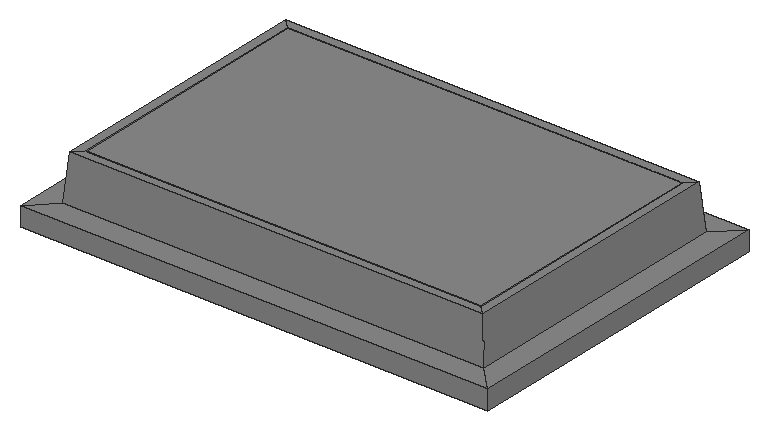
Revit family "0543d8bff121439cbd2f1b7569df520e", category Site, Revit 2021
Family settings
  Round Connector Dimension = Use Diameter
  Part Type = Normal
  Seek Item ID = Catch Basin-0000-USA-ENU
  Work Plane-Based = No
  Always vertical = No
  Cut with Voids When Loaded = No
  Shared = No
Parameters (values of type "36" x 25"")
  Length = 3' - 0"
  Width = 2' - 1"
Types (3): name | Length | Width
  (no name) | 3' - 0" | 2' - 1"
  36" x 25" | 3' - 0" | 2' - 1"
  30" x 24" | 2' - 6" | 2' - 0"
Reference planes (in)
  plane 1 "Center (Front/Back)": y = 0
  plane 2: z = 0
  plane 3 "Center (Left/Right)": x = 0
  plane 4: y = 9.6875
  plane 5: y = -9.6875
  plane 6: y = 12.5
  plane 7: y = -12.5
  plane 8: y = 7.53472
  plane 9: y = 5.38194
  plane 10: y = 3.22917
  plane 11: y = 1.07639
  plane 12: y = -1.07639
  plane 13: y = -3.22917
  plane 14: y = -5.38194
  plane 15: y = -7.53472
  plane 16: x = -14.1875
  plane 17: x = -1
  plane 18: x = 1
  plane 19: x = 14.1875
  plane 20: y = 9.6875
  plane 21: y = -9.6875
  plane 22: x = -15.1875
  plane 23: x = 15.1875
  plane 24: x = -18
  plane 25: x = 18
Forms (in)
  Sweep 1, solid, material "Steel, Paint Finish, Dark Gray, Matte"
    path origin (0, 0, 0) x (1, 0, 0) y (0, 1, 0)
      loop
        line (-18, 12.5) -> (-18, -12.5) -> (18, -12.5) -> (18, 12.5) -> (-18, 12.5)
    profile origin (0, 0, 0) x (0, 1, 0) y (0, 0, 1)
      loop
        line (12.5, 0) -> (12.5, 1.5) -> (10.68121, 1.5) -> (10.375, 5) -> (9.6875, 5) -> (9.6875, 0) -> (12.5, 0)
  Extrusion 2, solid, material "Steel, Paint Finish, Dark Gray, Matte"
    sketch origin (15.1875, -9.6875, 5) x (-1, 0, 0) y (0, -1, 0)
      loop
        line (30.375, -19.375) -> (30.375, 0) -> (0, 0) -> (0, -19.375) -> (30.375, -19.375)
    from 0 to -1.75
Lines and regions (in)
  model lines, style "Utilities"
    curve 1: line (-14.1875, 8.08472, 5) -> (-1, 8.08472, 5)
    curve 2: line (-14.1875, 6.98472, 5) -> (-14.1875, 8.08472, 5)
    curve 3: line (-1, 6.98472, 5) -> (-14.1875, 6.98472, 5)
    curve 4: line (-1, 8.08472, 5) -> (-1, 6.98472, 5)
    curve 5: line (1, 6.98472, 5) -> (14.1875, 6.98472, 5)
    curve 6: line (1, 8.08472, 5) -> (1, 6.98472, 5)
    curve 7: line (14.1875, 8.08472, 5) -> (1, 8.08472, 5)
    curve 8: line (14.1875, 6.98472, 5) -> (14.1875, 8.08472, 5)
    curve 9: line (-14.1875, 5.93194, 5) -> (-1, 5.93194, 5)
    curve 10: line (-14.1875, 4.83194, 5) -> (-14.1875, 5.93194, 5)
    curve 11: line (-1, 4.83194, 5) -> (-14.1875, 4.83194, 5)
    curve 12: line (-1, 5.93194, 5) -> (-1, 4.83194, 5)
    curve 13: line (-14.1875, 3.77917, 5) -> (-1, 3.77917, 5)
    curve 14: line (-14.1875, 2.67917, 5) -> (-14.1875, 3.77917, 5)
    curve 15: line (-1, 2.67917, 5) -> (-14.1875, 2.67917, 5)
    curve 16: line (-1, 3.77917, 5) -> (-1, 2.67917, 5)
    curve 17: line (-14.1875, 1.62639, 5) -> (-1, 1.62639, 5)
    curve 18: line (-14.1875, 0.52639, 5) -> (-14.1875, 1.62639, 5)
    curve 19: line (-1, 0.52639, 5) -> (-14.1875, 0.52639, 5)
    curve 20: line (-1, 1.62639, 5) -> (-1, 0.52639, 5)
    curve 21: line (-14.1875, -0.52639, 5) -> (-1, -0.52639, 5)
    curve 22: line (-14.1875, -1.62639, 5) -> (-14.1875, -0.52639, 5)
    curve 23: line (-1, -1.62639, 5) -> (-14.1875, -1.62639, 5)
    curve 24: line (-1, -0.52639, 5) -> (-1, -1.62639, 5)
    curve 25: line (-14.1875, -2.67917, 5) -> (-1, -2.67917, 5)
    curve 26: line (-14.1875, -3.77917, 5) -> (-14.1875, -2.67917, 5)
    curve 27: line (-1, -3.77917, 5) -> (-14.1875, -3.77917, 5)
    curve 28: line (-1, -2.67917, 5) -> (-1, -3.77917, 5)
    curve 29: line (-14.1875, -4.83194, 5) -> (-1, -4.83194, 5)
    curve 30: line (-14.1875, -5.93194, 5) -> (-14.1875, -4.83194, 5)
    curve 31: line (-1, -5.93194, 5) -> (-14.1875, -5.93194, 5)
    curve 32: line (-1, -4.83194, 5) -> (-1, -5.93194, 5)
    curve 33: line (-14.1875, -6.98472, 5) -> (-1, -6.98472, 5)
    curve 34: line (-14.1875, -8.08472, 5) -> (-14.1875, -6.98472, 5)
    curve 35: line (-1, -8.08472, 5) -> (-14.1875, -8.08472, 5)
    curve 36: line (-1, -6.98472, 5) -> (-1, -8.08472, 5)
    curve 37: line (1, -6.98472, 5) -> (14.1875, -6.98472, 5)
    curve 38: line (1, -8.08472, 5) -> (1, -6.98472, 5)
    curve 39: line (14.1875, -8.08472, 5) -> (1, -8.08472, 5)
    curve 40: line (14.1875, -6.98472, 5) -> (14.1875, -8.08472, 5)
    curve 41: line (1, -4.83194, 5) -> (14.1875, -4.83194, 5)
    curve 42: line (1, -5.93194, 5) -> (1, -4.83194, 5)
    curve 43: line (14.1875, -5.93194, 5) -> (1, -5.93194, 5)
    curve 44: line (14.1875, -4.83194, 5) -> (14.1875, -5.93194, 5)
    curve 45: line (1, -2.67917, 5) -> (14.1875, -2.67917, 5)
    curve 46: line (1, -3.77917, 5) -> (1, -2.67917, 5)
    curve 47: line (14.1875, -3.77917, 5) -> (1, -3.77917, 5)
    curve 48: line (14.1875, -2.67917, 5) -> (14.1875, -3.77917, 5)
    curve 49: line (1, -0.52639, 5) -> (14.1875, -0.52639, 5)
    curve 50: line (1, -1.62639, 5) -> (1, -0.52639, 5)
    curve 51: line (14.1875, -1.62639, 5) -> (1, -1.62639, 5)
    curve 52: line (14.1875, -0.52639, 5) -> (14.1875, -1.62639, 5)
    curve 53: line (1, 1.62639, 5) -> (14.1875, 1.62639, 5)
    curve 54: line (1, 0.52639, 5) -> (1, 1.62639, 5)
    curve 55: line (14.1875, 0.52639, 5) -> (1, 0.52639, 5)
    curve 56: line (14.1875, 1.62639, 5) -> (14.1875, 0.52639, 5)
    curve 57: line (1, 3.77917, 5) -> (14.1875, 3.77917, 5)
    curve 58: line (1, 2.67917, 5) -> (1, 3.77917, 5)
    curve 59: line (14.1875, 2.67917, 5) -> (1, 2.67917, 5)
    curve 60: line (14.1875, 3.77917, 5) -> (14.1875, 2.67917, 5)
    curve 61: line (1, 5.93194, 5) -> (14.1875, 5.93194, 5)
    curve 62: line (1, 4.83194, 5) -> (1, 5.93194, 5)
    curve 63: line (14.1875, 4.83194, 5) -> (1, 4.83194, 5)
    curve 64: line (14.1875, 5.93194, 5) -> (14.1875, 4.83194, 5)
Dimensions and locks (in)
  equal spacing: Sweep 1 sketch curve, plane 3 "Center (Left/Right)", Sweep 1 sketch curve
  "Length": Sweep 1 sketch curve to Sweep 1 sketch curve
  equal spacing: Sweep 1 sketch curve, plane 1 "Center (Front/Back)", Sweep 1 sketch curve
  "Width": Sweep 1 sketch curve to Sweep 1 sketch curve
  equal spacing: plane 6, plane 1 "Center (Front/Back)", plane 7
  "Width": plane 6 to plane 7
  locked: plane 6 to plane 4 at 2.8125
  locked: plane 5 to plane 7 at 2.8125
  plane 17 to plane 3 "Center (Left/Right)" to plane 18 = 0' - 1" locked, 0' - 1" locked
  locked: plane 6 to plane 20 at 2.8125
  locked: plane 21 to plane 7 at 2.8125
  equal spacing: plane 20, plane 8, plane 9, plane 10, plane 11, plane 12, plane 13, plane 14, plane 15, plane 21
  equal spacing: plane 24, plane 3 "Center (Left/Right)", plane 25
  "Length": plane 24 to plane 25
  locked: plane 24 to plane 22 at 2.8125
  locked: plane 23 to plane 25 at 2.8125
  locked: plane 22 to plane 16 at 1
  locked: plane 19 to plane 23 at 1
  aligned and locked: plane 4 to Sweep 1
  aligned and locked: Sweep 1 to plane 5
  aligned and locked: Extrusion 2 sketch curve to Sweep 1  (x2)
  aligned and locked: curve 4 to plane 17
  aligned and locked: plane 16 to curve 2
  aligned and locked: plane 16 to curve 10
  aligned and locked: curve 12 to plane 17
  aligned and locked: curve 16 to plane 17
  aligned and locked: plane 16 to curve 14
  aligned and locked: curve 20 to plane 17
  aligned and locked: plane 16 to curve 18
  aligned and locked: curve 24 to plane 17
  aligned and locked: plane 16 to curve 22
  aligned and locked: curve 28 to plane 17
  aligned and locked: curve 32 to plane 17
  aligned and locked: plane 16 to curve 30
  aligned and locked: curve 36 to plane 17
  aligned and locked: plane 18 to curve 62
  aligned and locked: curve 64 to plane 19
  aligned and locked: curve 60 to plane 19
  aligned and locked: plane 18 to curve 58
  aligned and locked: curve 56 to plane 19
  aligned and locked: plane 18 to curve 54
  aligned and locked: curve 52 to plane 19
  aligned and locked: plane 18 to curve 50
  aligned and locked: curve 48 to plane 19
  aligned and locked: plane 18 to curve 46
  aligned and locked: curve 44 to plane 19
  aligned and locked: plane 18 to curve 42
  aligned and locked: curve 40 to plane 19
  aligned and locked: plane 18 to curve 38
Automatic sketch dimensions
  Sweep 1 sketch curve to level = 0' - 0"
  Sweep 1 sketch curve to profile plane = 0' - 0"
  profile plane to Sweep 1 sketch curve = 0' - 1.81879"
  profile plane to Sweep 1 sketch curve = 0' - 2 1/8"
  Sweep 1 sketch curve to Sweep 1 sketch curve = 0' - 0 11/16"
  level to Sweep 1 sketch curve = 0' - 1 1/2"
  Sweep 1 sketch curve to Sweep 1 sketch curve = 0' - 3 1/2"
  Extrusion 2 sketch curve to plane 5 = 0' - 0"
  Extrusion 2 sketch curve to plane 4 = 0' - 0"
  curve 7 to plane 18 = 0' - 0"
  curve 8 to plane 19 = 0' - 0"
  plane 15 to curve 34 = 0' - 0.55"
  curve 31 to plane 14 = 0' - 0.55"
  curve 31 to curve 33 = 0' - 0"
  curve 27 to plane 13 = 0' - 0.55"
  plane 9 to curve 9 = 0' - 0.55"
  curve 23 to plane 12 = 0' - 0.55"
  curve 23 to curve 25 = 0' - 0"
  plane 10 to curve 13 = 0' - 0.55"
  curve 19 to plane 11 = 0' - 0.55"
  curve 16 to plane 10 = 0' - 0.55"
  plane 11 to curve 17 = 0' - 0.55"
  curve 12 to plane 9 = 0' - 0.55"
  plane 12 to curve 21 = 0' - 0.55"
  plane 13 to curve 25 = 0' - 0.55"
  curve 54 to plane 11 = 0' - 0.55"
  curve 51 to plane 12 = 0' - 0.55"
  curve 47 to plane 13 = 0' - 0.55"
  plane 14 to curve 41 = 0' - 0.55"
  plane 15 to curve 37 = 0' - 0.55"
  plane 10 to curve 58 = 0' - 0.55"
  plane 9 to curve 61 = 0' - 0.55"
  curve 60 to plane 10 = 0' - 0.55"
  curve 40 to plane 15 = 0' - 0.55"
  plane 12 to curve 49 = 0' - 0.55"
  curve 43 to plane 14 = 0' - 0.55"
  curve 34 to plane 15 = 0' - 0.55"
  plane 14 to curve 29 = 0' - 0.55"
  plane 13 to curve 45 = 0' - 0.55"
  plane 11 to curve 53 = 0' - 0.55"
  curve 63 to plane 9 = 0' - 0.55"
  curve 8 to plane 8 = 0' - 0.55"
  curve 4 to plane 8 = 0' - 0.55"
  plane 8 to curve 6 = 0' - 0.55"
  plane 8 to curve 2 = 0' - 0.55"
